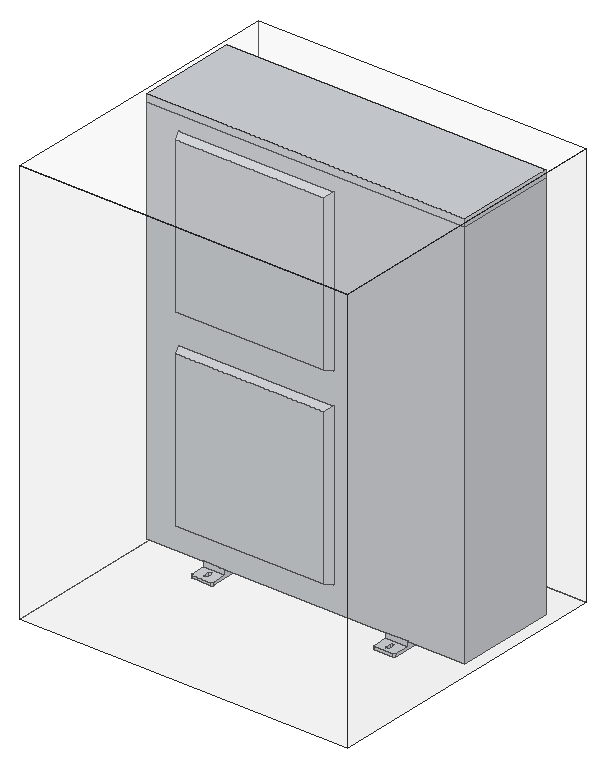
Revit family "puz-hrmp80_160ka7_60hz", category 機械設備, Revit 2019 (continued)
Definition of nested family "PUZ-ZRMP-3"
  Dimensions and locks
    aligned and locked: plane 57 to Extrusion 5 sketch curve
    aligned and locked: plane 53 to Extrusion 5 sketch curve
    aligned and locked: plane 58 to Extrusion 6 sketch curve
    aligned and locked: plane 56 to Extrusion 6 sketch curve
    aligned and locked: plane 61 to Extrusion 7 sketch curve
    aligned and locked: plane 54 to Extrusion 7 sketch curve
    aligned and locked: plane 55 to Extrusion 7
    aligned and locked: Extrusion 7 to plane 62
    aligned and locked: plane 64 to Extrusion 6
    aligned and locked: plane 63 to Extrusion 5
    aligned and locked: Extrusion 6 to plane 60
    aligned and locked: Extrusion 5 to plane 59
    aligned and locked: plane 66 to Extrusion 8 sketch curve
    aligned and locked: plane 65 to Extrusion 8 sketch curve
    aligned and locked: Extrusion 8 to plane 60
    aligned and locked: plane 64 to Extrusion 8
    aligned and locked: Blend 9 sketch curve to plane 71
    aligned and locked: Blend 9 sketch curve to plane 72
    aligned and locked: Blend 9 sketch curve to plane 42
    aligned and locked: Blend 9 sketch curve to plane 41
    aligned and locked: plane 45 to Blend 9 sketch curve
    aligned and locked: Blend 9 sketch curve to plane 46
    aligned and locked: Blend 9 sketch curve to plane 73
    aligned and locked: plane 74 to Blend 9 sketch curve
    aligned and locked: Blend 9 to plane 8
    aligned and locked: plane 38 to Blend 9
    aligned and locked: plane 22 to Extrusion 10 sketch curve
    aligned and locked: plane 21 to Extrusion 10 sketch curve
    aligned and locked: Extrusion 10 sketch curve to Extrusion 1  (x4)
    aligned and locked: Extrusion 10 sketch curve to plane 23
    aligned and locked: Extrusion 10 sketch curve to plane 20
    aligned and locked: plane 24 to Extrusion 10
    aligned and locked: Extrusion 10 to level
    aligned and locked: plane 25 to Extrusion 11
    aligned and locked: Extrusion 11 to plane 26
    aligned and locked: Masking region 1 sketch curve to Extrusion 3  (x4)
    aligned and locked: Masking region 1 sketch curve to cut or joined group of Extrusion 1, Extrusion 10  (x8)
    aligned and locked: Masking region 1 sketch curve to Blend 9  (x3)
    aligned and locked: plane 51 to Extrusion 11 sketch curve
    aligned and locked: plane 52 to Extrusion 11 sketch curve
    aligned and locked: plane 76 to Extrusion 11 sketch curve
    aligned and locked: plane 77 to Extrusion 11 sketch curve
    aligned and locked: plane 78 to Extrusion 11 sketch curve
    aligned and locked: plane 79 to Extrusion 11 sketch curve
    aligned and locked: plane 75 to Extrusion 11 sketch curve  (x4)
  Automatic sketch dimensions
    plane 7 to Extrusion 1 sketch curve = 0 mm  (x2)
    Extrusion 1 sketch curve to plane 18 = 0 mm
    plane 8 to Extrusion 1 sketch curve = 0 mm  (x2)
    Extrusion 1 sketch curve to plane 19 = 0 mm
    Extrusion 1 sketch curve to plane 20 = 0 mm
    Extrusion 1 sketch curve to plane 21 = 0 mm
    curve 187 to curve 188 = 40 mm
    curve 186 to curve 190 = 13.333 mm
    curve 190 to curve 190 = 40 mm
    curve 186 to curve 193 = 0 mm
    curve 186 to curve 188 = 40 mm
    curve 188 to curve 191 = 0 mm
    curve 179 to curve 180 = 40 mm
    curve 178 to curve 182 = 120 mm
    curve 182 to curve 182 = 40 mm
    curve 178 to curve 185 = 0 mm
    curve 178 to curve 180 = 40 mm
    curve 182 to curve 183 = 40 mm
    curve 25 to plane 45 = 0 mm
    curve 24 to plane 45 = 0 mm
    curve 22 to plane 45 = 0 mm
    curve 23 to plane 45 = 0 mm
    curve 26 to plane 45 = 0 mm
    curve 21 to plane 45 = 0 mm
    curve 24 to plane 46 = 0 mm
    curve 25 to plane 46 = 0 mm
    curve 26 to plane 46 = 0 mm
    curve 23 to plane 46 = 0 mm
    curve 22 to plane 46 = 0 mm
    curve 21 to plane 46 = 0 mm
    curve 37 to plane 48 = 0 mm
    curve 52 to plane 48 = 0 mm
    curve 51 to plane 48 = 0 mm
    curve 50 to plane 48 = 0 mm
    curve 49 to plane 48 = 0 mm
    curve 48 to plane 48 = 0 mm
    curve 47 to plane 48 = 0 mm
    curve 46 to plane 48 = 0 mm
    curve 45 to plane 48 = 0 mm
    curve 44 to plane 48 = 0 mm
    curve 43 to plane 48 = 0 mm
    curve 42 to plane 48 = 0 mm
    curve 41 to plane 48 = 0 mm
    curve 27 to plane 48 = 0 mm
    curve 28 to plane 48 = 0 mm
    curve 40 to plane 48 = 0 mm
    curve 39 to plane 48 = 0 mm
    curve 29 to plane 48 = 0 mm
    curve 38 to plane 48 = 0 mm
    curve 30 to plane 48 = 0 mm
    curve 53 to plane 48 = 0 mm
    curve 31 to plane 48 = 0 mm
    curve 36 to plane 48 = 0 mm
    curve 32 to plane 48 = 0 mm
    curve 35 to plane 48 = 0 mm
    curve 33 to plane 48 = 0 mm
    curve 34 to plane 48 = 0 mm
    curve 28 to plane 47 = 0 mm
    curve 41 to plane 47 = 0 mm
    curve 27 to plane 47 = 0 mm
    curve 42 to plane 47 = 0 mm
    curve 31 to plane 47 = 0 mm
    curve 40 to plane 47 = 0 mm
    curve 37 to plane 47 = 0 mm
    curve 39 to plane 47 = 0 mm
    curve 32 to plane 47 = 0 mm
    curve 45 to plane 47 = 0 mm
    curve 36 to plane 47 = 0 mm
    curve 46 to plane 47 = 0 mm
    curve 43 to plane 47 = 0 mm
    curve 47 to plane 47 = 0 mm
    curve 29 to plane 47 = 0 mm
    curve 48 to plane 47 = 0 mm
    curve 30 to plane 47 = 0 mm
    curve 49 to plane 47 = 0 mm
    curve 44 to plane 47 = 0 mm
    curve 50 to plane 47 = 0 mm
    curve 33 to plane 47 = 0 mm
    curve 51 to plane 47 = 0 mm
    curve 35 to plane 47 = 0 mm
    curve 52 to plane 47 = 0 mm
    curve 38 to plane 47 = 0 mm
    curve 53 to plane 47 = 0 mm
    curve 34 to plane 47 = 0 mm
    plane 13 to curve 304 = 138 mm
    curve 304 to plane 46 = 0 mm
    curve 307 to plane 45 = 0 mm
    curve 306 to plane 45 = 0 mm
    curve 303 to plane 45 = 0 mm
    curve 308 to plane 45 = 0 mm
    curve 303 to plane 46 = 0 mm
    curve 306 to plane 46 = 0 mm
    curve 307 to plane 46 = 0 mm
    curve 308 to plane 46 = 0 mm
    curve 309 to plane 45 = 0 mm
    curve 309 to plane 46 = 0 mm
    curve 305 to plane 74 = 0 mm
    curve 305 to plane 73 = 0 mm
    curve 310 to plane 74 = 0 mm
    curve 310 to plane 73 = 0 mm
    curve 311 to plane 73 = 0 mm
    curve 311 to plane 74 = 0 mm
    curve 312 to plane 74 = 0 mm
    curve 312 to plane 73 = 0 mm
    curve 313 to plane 74 = 0 mm
    curve 313 to plane 73 = 0 mm
    curve 314 to plane 73 = 0 mm
    curve 314 to plane 74 = 0 mm
    curve 315 to plane 74 = 0 mm
    curve 315 to plane 73 = 0 mm
    curve 316 to plane 73 = 0 mm
    curve 316 to plane 74 = 0 mm
    curve 317 to plane 74 = 0 mm
    curve 317 to plane 73 = 0 mm
    curve 318 to plane 74 = 0 mm
    curve 318 to plane 73 = 0 mm
    curve 319 to plane 74 = 0 mm
    curve 319 to plane 73 = 0 mm
    curve 320 to plane 74 = 0 mm
    curve 320 to plane 73 = 0 mm
    curve 321 to plane 74 = 0 mm
    curve 321 to plane 73 = 0 mm
    curve 322 to plane 73 = 0 mm
    curve 322 to plane 74 = 0 mm
    curve 323 to plane 73 = 0 mm
    curve 323 to plane 74 = 0 mm
    curve 324 to plane 73 = 0 mm
    curve 324 to plane 74 = 0 mm
    curve 325 to plane 74 = 0 mm
    curve 325 to plane 73 = 0 mm
    curve 326 to plane 74 = 0 mm
    curve 326 to plane 73 = 0 mm
    curve 327 to plane 74 = 0 mm
    curve 327 to plane 73 = 0 mm
    curve 328 to plane 74 = 0 mm
    curve 328 to plane 73 = 0 mm
    curve 329 to plane 74 = 0 mm
    curve 329 to plane 73 = 0 mm
    curve 330 to plane 74 = 0 mm
    curve 330 to plane 73 = 0 mm
    curve 331 to plane 74 = 0 mm
    curve 331 to plane 73 = 0 mm
    curve 332 to plane 73 = 0 mm
    curve 332 to plane 74 = 0 mm
    curve 333 to plane 74 = 0 mm
    curve 333 to plane 73 = 0 mm
    curve 334 to plane 73 = 0 mm
    curve 334 to plane 74 = 0 mm
    curve 335 to plane 74 = 0 mm
    curve 335 to plane 73 = 0 mm
    Extrusion 10 sketch curve to plane 18 = 0 mm  (x2)
    plane 8 to Extrusion 10 sketch curve = 0 mm
    plane 23 to Extrusion 10 sketch curve = 0 mm
    plane 22 to Extrusion 10 sketch curve = 0 mm  (x3)
    plane 16 to Extrusion 10 sketch curve = 0 mm  (x3)
    plane 17 to Extrusion 10 sketch curve = 0 mm  (x3)
    Extrusion 10 sketch curve to plane 15 = 0 mm  (x2)
    Extrusion 10 sketch curve to plane 19 = 0 mm  (x2)
    Extrusion 10 sketch curve to plane 14 = 0 mm  (x2)
    plane 7 to Extrusion 10 sketch curve = 0 mm
    Extrusion 10 sketch curve to plane 18 = 5 mm
    plane 15 to Extrusion 10 sketch curve = 6 mm  (x2)
    plane 19 to Extrusion 10 sketch curve = 5 mm
    Extrusion 10 sketch curve to plane 20 = 5 mm
    plane 14 to Extrusion 10 sketch curve = 6 mm  (x2)
    plane 21 to Extrusion 10 sketch curve = 5 mm
    plane 38 to Extrusion 10 sketch curve = 10 mm  (x2)
    plane 19 to Masking region 1 sketch curve = 0 mm
    plane 21 to Masking region 1 sketch curve = 0 mm
    plane 7 to Masking region 1 sketch curve = 0 mm  (x2)
    Masking region 1 sketch curve to plane 20 = 0 mm
    Masking region 1 sketch curve to plane 18 = 0 mm
    plane 8 to Masking region 1 sketch curve = 0 mm  (x2)
    plane 38 to Masking region 1 sketch curve = 0 mm
    curve 352 to plane 6 = 0 mm
    plane 7 to curve 352 = 0 mm
    curve 353 to plane 18 = 0 mm
    curve 348 to plane 18 = 0 mm
    plane 8 to curve 346 = 0 mm
    curve 354 to plane 19 = 0 mm
    curve 347 to plane 19 = 0 mm
    curve 345 to plane 41 = 0 mm
    plane 38 to curve 344 = 0 mm
    curve 344 to plane 46 = 0 mm
    curve 357 to plane 20 = 0 mm
    curve 343 to plane 20 = 0 mm
    curve 358 to plane 21 = 0 mm
    curve 341 to plane 21 = 0 mm
    curve 339 to plane 45 = 0 mm
    curve 339 to plane 42 = 0 mm
    curve 337 to plane 5 = 0 mm
    plane 22 to curve 354 = 0 mm
    plane 22 to curve 358 = 0 mm
    plane 23 to curve 342 = 0 mm
    plane 23 to curve 347 = 0 mm
    curve 11 to plane 65 = 6 mm
    plane 18 to curve 352 = 28.157 mm
    plane 15 to curve 346 = 0.043 mm
    plane 21 to curve 338 = 11.963 mm
    curve 336 to plane 21 = 9.073 mm
    curve 344 to plane 21 = 22.105 mm
    plane 28 to curve 3 = 5 mm
    curve 3 to plane 45 = 38 mm
    curve 1 to plane 45 = 38 mm
    curve 3 to curve 5 = 0 mm
    curve 4 to plane 29 = 5 mm
    curve 372 to plane 65 = 6 mm
    plane 65 to curve 376 = 9 mm
    curve 12 to plane 65 = 6 mm
    curve 20 to plane 53 = 4 mm
    curve 2 to curve 16 = 15 mm
    plane 51 to curve 15 = 5 mm
Definition of nested family "固定点"
  Parameters (values of type "固定点")
    中心円 = if(W > 599 mm, 12 mm, 10 mm)  # 12 mm
    W = 1000 mm
    D = 1000 mm
  Reference planes
    plane 1 "中心(正面/背面)": y = 0
    plane 2: z = 0
    plane 3 "中心(左/右)": x = 0
    plane 4: x = 1000
    plane 5: y = 1000
  Lines and regions (mm)
    symbolic lines, detail levels fine
      curve 1: circle (0, 1000, 0) r 6 normal (0, 0, 1)
      curve 2: circle (0, 0, 0) r 6 normal (0, 0, 1)
      curve 3: circle (1000, 1000, 0) r 6 normal (0, 0, 1)
      curve 4: circle (1000, 0, 0) r 6 normal (0, 0, 1)
      curve 5: line (-200, 1000, 0) -> (1200, 1000, 0)
      curve 6: line (-200, 0, 0) -> (1200, 0, 0)
      curve 7: line (0, 1200, 0) -> (0, -200, 0)
      curve 8: line (1000, 1200, 0) -> (1000, -200, 0)
  Dimensions and locks
    "W": plane 3 "中心(左/右)" to plane 4
    "D": plane 1 "中心(正面/背面)" to plane 5
    "中心円": diameter of curve 1
    "中心円": diameter of curve 2
    "中心円": diameter of curve 3
    "中心円": diameter of curve 4
    aligned and locked: level to plane 2
    aligned and locked: plane 5 to curve 1
    aligned and locked: plane 3 "中心(左/右)" to curve 1
    aligned and locked: plane 3 "中心(左/右)" to curve 2
    aligned and locked: plane 1 "中心(正面/背面)" to curve 2
    aligned and locked: plane 4 to curve 3
    aligned and locked: plane 5 to curve 3
    aligned and locked: plane 1 "中心(正面/背面)" to curve 4
    aligned and locked: plane 4 to curve 4
    aligned and locked: plane 1 "中心(正面/背面)" to curve 6
    aligned and locked: curve 7 to plane 3 "中心(左/右)"
    aligned and locked: curve 8 to plane 4
  Automatic sketch dimensions
    curve 5 to plane 5 = 0 mm
    curve 6 to plane 3 "中心(左/右)" = 200 mm
    curve 5 to plane 3 "中心(左/右)" = 200 mm
    curve 4 to curve 6 = 200 mm
    curve 3 to curve 5 = 200 mm
    plane 1 "中心(正面/背面)" to curve 8 = 200 mm
    plane 1 "中心(正面/背面)" to curve 7 = 200 mm
    curve 3 to curve 8 = 200 mm
    curve 1 to curve 7 = 200 mm
Types (4, lengths in mm): name | 音響パワーレベル（冷）(dB) | 音響パワーレベル(dB) | 電動機出力_圧縮機 | 消費電力_暖房 | 消費電力_冷房 | 消費電力 | 構成品番 | 暖房能力 | 推奨ブレーカー容量 | 冷房能力 | URL
  室外機_PUZ-HRMP80KA7 (-BS,BSG) | 66 | 68 | 1.5 kW | 1.92 kW | 1.77 kW | 1.92 kW | "PUZ-HRMP80KA7 (-BS,-BSG)" | 8 kW | 30 A | 7.1 kW | "https://www.mitsubishielectric.co.jp/ldg/wink/ssl/top.do"
  室外機_PUZ-HRMP112KA7 (-BS,BSG) | 66 | 69 | 2.1 kW | 2.69 kW | 2.5 kW | 2.69 kW | "PUZ-HRMP112KA7 (-BS,-BSG)" | 11.2 kW | 30 A | 10 kW | "https://www.mitsubishielectric.co.jp/ldg/wink/ssl/top.do\r\nhttps://www.mitsubishielectric.co.jp/ldg/wink/ssl/top.do\r\nhttps://www.mitsubishielectric.co.jp/ldg/wink/ssl/top.do"
  室外機_PUZ-HRMP140KA7 (-BS,BSG) | 68 | 69 | 2.7 kW | 3.82 kW | 3.69 kW | 3.82 kW | "PUZ-HRMP140KA7 (-BS,-BSG)" | 14 kW | 40 A | 12.5 kW | "https://www.mitsubishielectric.co.jp/ldg/wink/ssl/top.do"
  室外機_PUZ-HRMP160KA7 (-BS,BSG) | 69 | 71 | 3.1 kW | 4.49 kW | 4.7 kW | 4.7 kW | "PUZ-HRMP160KA7 (-BS,-BSG)" | 16 kW | 40 A | 14 kW | "https://www.mitsubishielectric.co.jp/ldg/wink/ssl/top.do"
